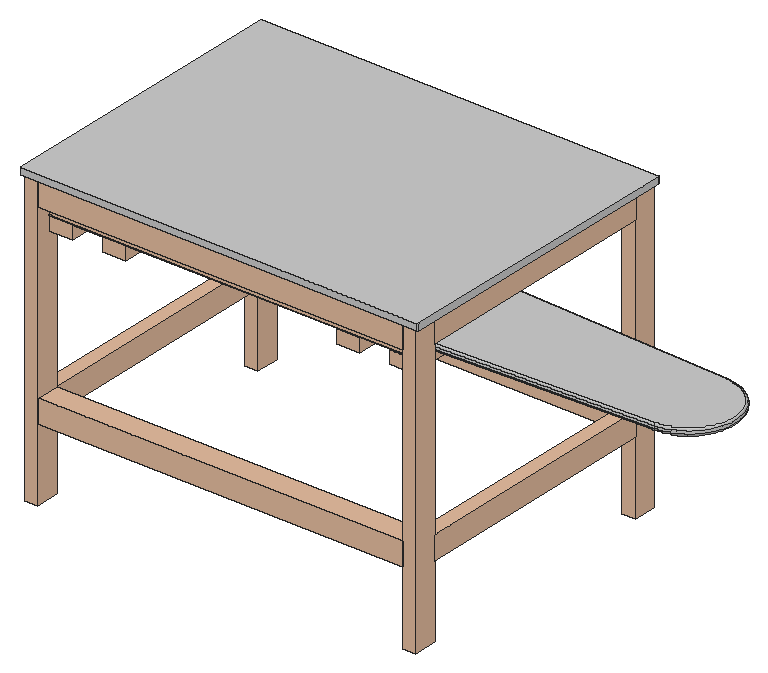
Revit family "Furniture_Other_Sjobergs_Ironing_Table", category Furniture, Revit 2017
Family settings
  OmniClass Number = 23.40.20.27.21
  OmniClass Title = Mobile Storage Units
  Work Plane-Based = No
  Always vertical = Yes
  Cut with Voids When Loaded = No
  Shared = No
  Room Calculation Point = No
Parameters (values of type "Ironing Table")
  Weight = "70 kg"
  WarrantyStartDate [instance] = "n/a"
  WarrantyGuarantorParts = "n/a"
  WarrantyGuarantorLabor = "n/a"
  WarrantyDurationUnit = "n/a"
  WarrantyDurationParts = "n/a"
  WarrantyDurationLabor = "n/a"
  WarrantyDescription = "n/a"
  VersionDate = "30/06/2020"  # constant formula
  Version = "1"  # constant formula
  Uniclass2015Reference = "Pr_40_70_46_42"
  Uniclass2015Description = "Ironing tables"
  Uniclass2 = "Pr_40_70_46_42"
  URL = "https://www.sjobergs.se/sortiment/skola_textilslojd/113.php?id=1276&cat=19&lang=se&artnr=33062"
  Type Comments = ""
  TagNumber [instance] = "n/a"
  SustainabilityPerformance = "n/a"
  Style = "n/a"
  Size = "1950x910x900 mm"
  Shape = "Rectangular"
  ProductDatasheet = "https://www.sjobergs.se/dbhires/Produktblad_strykbord_33062.pdf"
  IroningTableSecondaryMaterial = Table texture
  IroningTableMainMaterial = Beech
  SerialNumber [instance] = "n/a"
  Revision = "n/a"
  ReplacementCost = "n/a"
  ProductInformation = "A complete ironing table consisting of board 33107 covered with heat-resistant silicone fabric. Stand 33111 in beech. Ironing board 33116 extendable, covered with heat-resistant silicone fabric. Grid 33119 for hot iron in chromed steel."
  NominalWidth = 1958 mm
  NominalHeight = 897 mm
  NominalDepth = 910 mm
  Name = "Sjobergs_Ironing_Table"
  NBSReference = "45-35-20/320"
  NBSDescription = "School art, design and technology tables and workbenches;"
  ModelReference = "n/a"
  ModelNumber = "33062"
  Material = "Wood & Metal"
  ManufacturerName = "Sjöbergs"
  ManufacterURL = "https://www.sjobergs.se/en/"
  MainColor = "Wooden"
  InstallationDate [instance] = "n/a"
  Description = ""
  Model = "Ironing Table"
  Manufacturer = "Sjöbergs"
  IfcExportType = "TABLE"  # constant formula
  IfcExportAs = "IfcFurnishingElementType"  # constant formula
  Grade = "n/a"
  Finish = "n/a"
  Features = "One or two ironing boards can be installed diagonally on the same table."
  ExpectedLife = "n/a"
  DurationUnit = "n/a"
  Cost = 0
  ConvergoRefNr = "0184-2005-00010-SE"
  Constituents = "n/a"
  Color = "Wooden"
  CodePerformance = "n/a"
  Category = "School, textile craft"
  Brand = "Sjöbergs"
  Barcode [instance] = "n/a"
  BIMObjectName = "Furniture_Other_Sjobergs_Ironing_Table"
  Author = "Convergo AB"  # constant formula
  AssetType = "Movable"
  AssetIdentifier [instance] = "n/a"
  AccessibilityPerformance = "n/a"
Reference planes
  plane 1 "Center (Front/Back)": y = 0
  plane 2: z = 0
  plane 3 "Center (Left/Right)": x = 0
  plane 4: x = -979
  plane 5: x = 979
  plane 6: y = 455
  plane 7: y = -455
  plane 8: z = 897
Dimensions and locks
  equal spacing: plane 4, plane 3 "Center (Left/Right)", plane 5
  "NominalWidth": plane 4 to plane 5
  equal spacing: plane 6, plane 1 "Center (Front/Back)", plane 7
  "NominalDepth": plane 6 to plane 7
  "NominalHeight": plane 8 to level
  aligned and locked: level to plane 2
Nested families
  nested 1: "Ironing_Table" at (0, 0, 0), Material 1 <- "IroningTableMainMaterial", Material 2 <- "IroningTableSecondaryMaterial", Material 3 <- "IroningTableSecondaryMaterial", type "Ironing_Table"
    with Material 3 Table texture, Material 2 Table texture, Material 1 Beech
Definition of nested family "Ironing_Table"
  Parameters (values of type "Ironing_Table")
    Material 3 [instance] = none
    Material 2 [instance] = none
    Material 1 [instance] = none
  Reference planes
    plane 1 "Center (Front/Back)": y = 0
    plane 2: z = 0
    plane 3 "Center (Left/Right)": x = 0
    plane 4: x = -979
    plane 5: x = 979.121
    plane 6: y = 455
    plane 7: y = -455
  Forms (mm)
    Extrusion 1, solid, material <- "Material 2", detail levels medium+fine
      sketch origin (0, 0, 0) x (1, 0, 0) y (0, 1, 0)
        loop
          arc (-976, 455) -> (-978.121, 454.121) -> (-979, 452) r 3
          line (-979, 452) -> (-979, -452)
          arc (-979, -452) -> (-978.121, -454.121) -> (-976, -455) r 3
          line (-976, -455) -> (218.024, -455)
          arc (218.024, -455) -> (220.145, -454.121) -> (221.024, -452) r 3
          line (221.024, -452) -> (221.024, 452)
          arc (221.024, 452) -> (220.145, 454.121) -> (218.024, 455) r 3
          line (218.024, 455) -> (-976, 455)
      from 878 to 897
    Extrusion 2, solid, material <- "Material 1", detail levels medium+fine
      sketch origin (0, 0, 0) x (1, 0, 0) y (0, 1, 0)
        loop
          line (-967.879, 448.879) -> (-967.879, 378.879) -> (-927.879, 378.879) -> (-927.879, 448.879) -> (-967.879, 448.879)
        loop
          line (170.121, 448.879) -> (170.121, 378.879) -> (210.121, 378.879) -> (210.121, 448.879) -> (170.121, 448.879)
        loop
          line (-967.879, -379.121) -> (-967.879, -449.121) -> (-927.879, -449.121) -> (-927.879, -379.121) -> (-967.879, -379.121)
        loop
          line (170.121, -379.121) -> (170.121, -449.121) -> (210.121, -449.121) -> (210.121, -379.121) -> (170.121, -379.121)
      from 0 to 878
    Extrusion 3, solid, material <- "Material 1", detail levels medium+fine
      sketch origin (0, 0, 0) x (0, 1, 0) y (0, 0, 1)
        loop
          line (448.879, 290.914) -> (378.879, 290.914) -> (378.879, 220.914) -> (448.879, 220.914) -> (448.879, 290.914)
        loop
          line (-379.121, 290.914) -> (-449.121, 290.914) -> (-449.121, 220.914) -> (-379.121, 220.914) -> (-379.121, 290.914)
        loop
          line (448.879, 878) -> (378.879, 878) -> (378.879, 805) -> (448.879, 805) -> (448.879, 878)
        loop
          line (-379.121, 878) -> (-449.121, 878) -> (-449.121, 807) -> (-379.121, 807) -> (-379.121, 878)
      from -927.879 to 170.121
    Extrusion 4, solid, material <- "Material 1", detail levels medium+fine
      sketch origin (0, 0, 0) x (1, 0, 0) y (0, 0, 1)
        loop
          line (-967.879, 290.914) -> (-967.879, 220.914) -> (-927.879, 220.914) -> (-927.879, 290.914) -> (-967.879, 290.914)
        loop
          line (170.121, 290.914) -> (170.121, 220.914) -> (210.121, 220.914) -> (210.121, 290.914) -> (170.121, 290.914)
        loop
          line (210.121, 878) -> (170.121, 878) -> (170.121, 807) -> (210.121, 807) -> (210.121, 878)
        loop
          line (-967.879, 878) -> (-967.879, 804.914) -> (-927.879, 804.914) -> (-927.879, 878) -> (-967.879, 878)
      from -378.879 to 379.121
    Extrusion 5, solid, material <- "Material 1", detail levels medium+fine
      sketch origin (0, 0, -50) x (1, 0, 0) y (0, 0, 1)
        loop
          line (-927.879, 815) -> (-927.879, 775) -> (-856.879, 775) -> (-856.879, 815) -> (-927.879, 815)
        loop
          line (-766.879, 815) -> (-766.879, 775) -> (-696.879, 775) -> (-696.879, 815) -> (-766.879, 815)
        loop
          line (-60.879, 815) -> (-60.879, 775) -> (9.121, 775) -> (9.121, 815) -> (-60.879, 815)
        loop
          line (99.121, 815) -> (99.121, 775) -> (170.121, 775) -> (170.121, 815) -> (99.121, 815)
      from 2.121 to 409.121
    Extrusion 6, solid, material <- "Material 1", detail levels medium+fine
      sketch origin (0, 73.366, 30) x (0, 1, 0) y (0, 0, 1)
        loop
          line (-112.487, 734.914) -> (-78.487, 734.914)
          arc (-78.487, 734.914) -> (-76.366, 735.793) -> (-75.487, 737.914) r 3
          line (-75.487, 737.914) -> (-75.487, 774.914) -> (-115.487, 774.914) -> (-115.487, 772.5) -> (-97.487, 772.5) -> (-97.487, 746.5) -> (-115.487, 746.5) -> (-115.487, 737.914)
          arc (-115.487, 737.914) -> (-114.609, 735.793) -> (-112.487, 734.914) r 3
        loop
          arc (-445.487, 734.914) -> (-443.366, 735.793) -> (-442.487, 737.914) r 3
          line (-442.487, 737.914) -> (-442.487, 746.5) -> (-460.487, 746.5) -> (-460.487, 772.5) -> (-442.487, 772.5) -> (-442.487, 774.914) -> (-482.487, 774.914) -> (-482.487, 737.914)
          arc (-482.487, 737.914) -> (-481.609, 735.793) -> (-479.487, 734.914) r 3
          line (-479.487, 734.914) -> (-445.487, 734.914)
      from -927.879 to 170.121
    Extrusion 7, solid, material <- "Material 3", detail levels medium+fine
      sketch origin (-3341.525, -1566.081, 0) x (1, 0, 0) y (0, 1, 0)
        loop
          line (4187.414, 1499.089) -> (3110.647, 1542.16) -> (3110.647, 1178.76) -> (4187.414, 1221.831)
          arc (4187.414, 1221.831) -> (4320.609, 1360.46) -> (4187.414, 1499.089) r 138.74
      from 779.5 to 798.5
    Extrusion 8, void
      sketch origin (0, 0.696, 18) x (0, 1, 0) y (0, 0, 1)
        loop
          line (-190.817, 723) -> (-190.817, 761.5) -> (-221.817, 761.5) -> (-221.817, 723) -> (-190.817, 723)
      from -927.879 to 329.63
    Extrusion 9, solid, material <- "Material 1", detail levels medium+fine
      sketch origin (0, 0, 0) x (0, 1, 0) y (0, 0, 1)
        loop
          line (-191.621, 779.5) -> (-219.621, 779.5) -> (-219.621, 757) -> (-219.621, 744.5)
          arc (-219.621, 744.5) -> (-218.743, 742.379) -> (-216.621, 741.5) r 3
          line (-216.621, 741.5) -> (-194.621, 741.5)
          arc (-194.621, 741.5) -> (-192.5, 742.379) -> (-191.621, 744.5) r 3
          line (-191.621, 744.5) -> (-191.621, 757) -> (-191.621, 779.5)
      from -143.98 to 929.423
    Extrusion 10, void
      sketch origin (0, 0, 0) x (1, 0, 0) y (0, 0, 1)
        loop
          line (887.621, 741) -> (929.423, 741) -> (929.423, 782.802) -> (887.621, 741)
      from 190.121 to 221.121
    Extrusion 11, solid, material <- "Material 1", detail levels coarse
      sketch origin (0, 0, 0) x (1, 0, 0) y (0, 1, 0)
        loop
          line (-979, 455) -> (-979, -455) -> (979.121, -455) -> (979.121, 455) -> (-979, 455)
      from 0 to 897
    Extrusion 12, void
      sketch origin (0, 0, 0) x (1, 0, 0) y (0, 0, 1)
        loop
          line (-80.393, 720.014) -> (-148.023, 787.645) -> (-148.023, 720.014) -> (-80.393, 720.014)
      from 147.655 to 250
    Sweep 13, void
      path in 3D
        loop
          line (-230.879, -387.321, 798.5) -> (845.888, -344.251, 798.5)
          arc (845.888, -344.251, 798.5) -> (979.083, -205.621, 798.5) -> (845.888, -66.992, 798.5) r 138.74
          line (845.888, -66.992, 798.5) -> (-230.879, -23.921, 798.5)
      profile origin (307.505, -365.786, 798.5) x (-0.039968, 0.999201, 0) y (0, 0, 1)
        loop
          line (0, 0) -> (0, -5)
          arc (0, -5) -> (1.464, -1.464) -> (5, 0) r 5
          line (5, 0) -> (0, 0)
        loop
          line (0, -19) -> (5, -19)
          arc (5, -19) -> (1.464, -17.536) -> (0, -14) r 5
          line (0, -14) -> (0, -19)
  Cuts and joins
    Sweep 13 cuts Extrusion 2
    Sweep 13 cuts Extrusion 6
    Extrusion 10, Extrusion 12, Sweep 13 cuts Extrusion 9
    joined: Extrusion 2, Extrusion 6, Extrusion 9
    Extrusion 8 cuts Extrusion 5
    Sweep 13 cuts Extrusion 7
  Lines and regions (mm)
    symbolic lines, detail levels medium+fine
      curve 1: line (-979, 455, 0) -> (221.024, 455, 0)
      curve 2: line (221.024, 455, 0) -> (221.024, -41.997, 0)
      curve 4: line (221.024, -369.245, 0) -> (221.024, -455, 0)
      curve 5: line (221.024, -455, 0) -> (-979, -455, 0)
      curve 6: line (-979, -455, 0) -> (-979, 455, 0)
      curve 7: line (845.888, -344.251, 0) -> (221.024, -369.245, 0)
      curve 8: line (-979, 0, 897) -> (221, 0, 897)
      curve 9: line (221, 0, 897) -> (221, 0, 878)
      curve 10: line (221, 0, 878) -> (210.121, 0, 878)
      curve 16: line (-979, 0, 878) -> (-979, 0, 897)
      curve 33: line (210.121, 0, 878) -> (210.121, 0, 798.5)
      curve 34: line (210.121, 0, 0) -> (170.121, 0, 0)
      curve 35: line (170.121, 0, 0) -> (170.121, 0, 220.914)
      curve 36: line (170.121, 0, 220.914) -> (-927.879, 0, 220.914)
      curve 37: line (-927.879, 0, 220.914) -> (-927.879, 0, 0)
      curve 38: line (-927.879, 0, 0) -> (-967.879, 0, 0)
      curve 39: line (-967.879, 0, 0) -> (-967.879, 0, 878)
      curve 40: line (210.121, 0, 798.5) -> (979.121, 0, 798.5)
      curve 41: line (979.121, 0, 798.5) -> (979.121, 0, 779.5)
      curve 42: line (979.121, 0, 779.5) -> (964.121, 0, 779.5)
      curve 43: line (888.121, 0, 741.5) -> (210.121, 0, 741.5)
      curve 49: line (210.121, 0, 741.5) -> (210.121, 0, 0)
      curve 57: line (-967.879, 0, 878) -> (-979, 0, 878)
      curve 66: line (0, 455, 897) -> (0, -455, 897)
      curve 67: line (0, -455, 897) -> (0, -455, 878)
      curve 68: line (0, -455, 878) -> (0, -449.121, 878)
      curve 69: line (0, -449.121, 878) -> (0, -449.121, 0)
      curve 70: line (0, -449.121, 0) -> (0, -379.121, 0)
      curve 71: line (0, -379.121, 0) -> (0, -379.121, 221)
      curve 72: line (0, -379.121, 221) -> (0, 378.879, 221)
      curve 73: line (0, 378.879, 221) -> (0, 378.879, 0)
      curve 74: line (0, 378.879, 0) -> (0, 448.879, 0)
      curve 75: line (0, 448.879, 0) -> (0, 448.879, 878)
      curve 76: line (0, 448.879, 878) -> (0, 455, 878)
      curve 77: line (0, 455, 878) -> (0, 455, 897)
      curve 96: line (888.121, 0, 741.5) -> (923.121, 0, 776.5)
      curve 97: line (964.121, 0, 779.5) -> (964.121, 0, 776.5)
      curve 98: line (964.121, 0, 776.5) -> (923.121, 0, 776.5)
      curve 115: line (845.888, -66.992, 0) -> (221.024, -41.997, 0)
      curve 116: arc (845.888, -344.251, 0) -> (979.083, -205.621, 0) -> (845.888, -66.992, 0) r 138.74
    symbolic lines, detail levels fine
      curve 3: line (221.024, -41.997, 0) -> (221.024, -369.245, 0)
      curve 11: line (210.121, 0, 878) -> (170.121, 0, 878)
      curve 12: line (170.121, 0, 878) -> (170.121, 0, 807)
      curve 13: line (170.121, 0, 290.914) -> (-927.879, 0, 290.914)
      curve 14: line (-927.879, 0, 290.914) -> (-927.879, 0, 765)
      curve 15: line (-927.879, 0, 878) -> (-967.879, 0, 878)
      curve 17: line (-927.879, 0, 878) -> (170.121, 0, 878)
      curve 18: line (-927.879, 0, 765) -> (-856.879, 0, 765)
      curve 19: line (-927.879, 0, 799.221) -> (170.121, 0, 799.221)
      curve 20: line (-927.879, 0, 807) -> (170.121, 0, 807)
      curve 21: line (-927.879, 0, 725) -> (-856.879, 0, 725)
      curve 22: line (-856.879, 0, 725) -> (-856.879, 0, 765)
      curve 23: line (-766.879, 0, 765) -> (-766.879, 0, 725)
      curve 24: line (-766.879, 0, 725) -> (-696.879, 0, 725)
      curve 25: line (-696.879, 0, 725) -> (-696.879, 0, 765)
      curve 26: line (-60.879, 0, 765) -> (-60.879, 0, 725)
      curve 27: line (-60.879, 0, 725) -> (9.121, 0, 725)
      curve 28: line (9.121, 0, 725) -> (9.121, 0, 742)
      curve 29: line (9.121, 0, 742) -> (99.121, 0, 742)
      curve 30: line (99.121, 0, 765) -> (99.121, 0, 742)
      curve 31: line (99.121, 0, 725) -> (99.121, 0, 742)
      curve 32: line (99.121, 0, 725) -> (170.121, 0, 725)
      curve 44: line (210.121, 0, 779.5) -> (964.121, 0, 779.5)
      curve 45: line (170.121, 0, 290.914) -> (170.121, 0, 220.914)
      curve 46: line (-927.879, 0, 290.914) -> (-927.879, 0, 220.914)
      curve 47: line (210.121, 0, 798.5) -> (210.121, 0, 779.5)
      curve 48: line (210.121, 0, 779.5) -> (210.121, 0, 741.5)
      curve 50: line (-856.879, 0, 765) -> (-766.879, 0, 765)
      curve 51: line (-766.879, 0, 765) -> (-696.879, 0, 765)
      curve 52: line (-696.879, 0, 765) -> (-60.879, 0, 765)
      curve 53: line (-927.879, 0, 777) -> (-927.879, 0, 799.221)
      curve 54: line (-927.879, 0, 765) -> (-927.879, 0, 777)
      curve 55: line (-927.879, 0, 807) -> (-927.879, 0, 878)
      curve 56: line (-927.879, 0, 799.221) -> (-927.879, 0, 807)
      curve 58: line (-60.879, 0, 765) -> (9.121, 0, 765)
      curve 59: line (9.121, 0, 765) -> (99.121, 0, 765)
      curve 60: line (9.121, 0, 742) -> (9.121, 0, 765)
      curve 61: line (99.121, 0, 765) -> (170.121, 0, 765)
      curve 62: line (170.121, 0, 765) -> (170.121, 0, 725)
      curve 63: line (170.121, 0, 725) -> (170.121, 0, 290.914)
      curve 64: line (170.121, 0, 799.221) -> (170.121, 0, 765)
      curve 65: line (170.121, 0, 807) -> (170.121, 0, 799.221)
      curve 78: line (0, 378.879, 804.914) -> (0, 378.879, 221)
      curve 79: line (0, 378.879, 291) -> (0, -379.121, 291)
      curve 80: line (0, -379.121, 221) -> (0, -379.121, 878)
      curve 81: line (0, -379.121, 804.914) -> (0, 378.879, 804.914)
      curve 82: line (0, -2.121, 804.914) -> (0, -2.121, 725)
      curve 83: line (0, -2.121, 725) -> (0, -379.121, 725)
      curve 84: line (0, -379.121, 765) -> (0, -221.121, 765)
      curve 85: line (0, -221.121, 765) -> (0, -221.121, 741)
      curve 86: line (0, -221.121, 741) -> (0, -190.121, 741)
      curve 87: line (0, -190.121, 741) -> (0, -190.121, 765)
      curve 88: line (0, -190.121, 765) -> (0, -2.121, 765)
      curve 89: line (0, -24.121, 776.5) -> (0, -191.621, 776.5)
      curve 90: line (0, -191.621, 776.5) -> (0, -191.621, 744.532)
      curve 91: line (0, -194.653, 741.5) -> (0, -216.621, 741.5)
      curve 92: line (0, -219.621, 744.5) -> (0, -219.621, 776.5)
      curve 93: line (0, -219.621, 776.5) -> (0, -191.621, 776.5)
      curve 94: line (0, -219.621, 776.5) -> (0, -379.121, 776.5)
      curve 95: line (0, 448.879, 878) -> (0, -449.121, 878)
      curve 99: line (-60.879, 0, 741.5) -> (-101.879, 0, 741.5)
      curve 100: line (-101.879, 0, 741.5) -> (-125.379, 0, 765)
      curve 101: line (0, 378.879, 804.914) -> (0, 378.879, 878)
      curve 102: arc (0, -191.621, 744.532) -> (0, -192.509, 742.388) -> (0, -194.653, 741.5) r 3.032
      curve 103: arc (0, -216.621, 741.5) -> (0, -218.743, 742.379) -> (0, -219.621, 744.5) r 3
      curve 104: line (0, -372.121, 798.5) -> (0, -39.121, 798.5)
      curve 105: line (0, -374.121, 781.5) -> (0, -374.121, 796.5)
      curve 106: line (0, -39.121, 779.5) -> (0, -372.121, 779.5)
      curve 107: line (0, -37.121, 796.5) -> (0, -37.121, 781.5)
      curve 108: arc (0, -39.121, 798.5) -> (0, -37.707, 797.914) -> (0, -37.121, 796.5) r 2
      curve 109: arc (0, -37.121, 781.5) -> (0, -37.707, 780.086) -> (0, -39.121, 779.5) r 2
      curve 110: arc (0, -372.121, 798.5) -> (0, -373.536, 797.914) -> (0, -374.121, 796.5) r 2
      curve 111: arc (0, -374.121, 781.5) -> (0, -373.536, 780.086) -> (0, -372.121, 779.5) r 2
      curve 112: line (0, -24.121, 776.5) -> (0, -24.121, 802.5)
      curve 113: line (0, -24.121, 802.5) -> (0, -42.121, 802.5)
      curve 114: line (0, -42.121, 802.5) -> (0, -42.121, 804.914)
      curve 120: line (923.121, 0, 776.5) -> (210.121, 0, 776.5)
    sketch lines
      curve 117: line (-230.879, -387.321, 798.5) -> (845.888, -344.251, 798.5)
      curve 118: arc (845.888, -66.992, 798.5) -> (979.083, -205.621, 798.5) -> (845.888, -344.251, 798.5) r 138.74
      curve 119: line (845.888, -66.992, 798.5) -> (-230.879, -23.921, 798.5)
  Dimensions and locks
    aligned and locked: level to plane 2
    aligned and locked: Extrusion 2 to Extrusion 1
